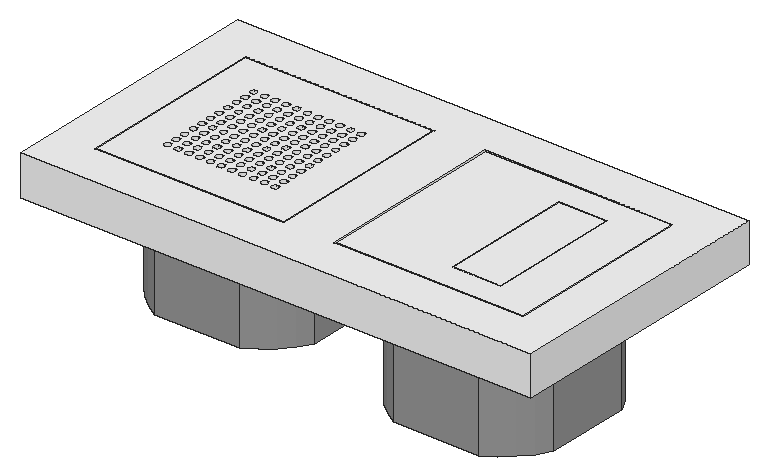
Revit family "Gira_228027", category Electrical Fixtures, host Face, Revit 2017
Family settings
  Host = Face
  Maintain Annotation Orientation = Yes
  Round Connector Dimension = Use Diameter
  Part Type = Normal
  Cut with Voids When Loaded = No
  Shared = No
  Room Calculation Point = No
Parameters (values of type "UP-Radio RDS Lautsprecher System 55 Reinweiß m")
  Zusammenstellung = "Basiselement mit Gehäuse-Oberteil"
  Werkstoffgüte = "sonstige"
  Werkstoff = "sonstige"
  URL = "http://katalog.gira.de/de_DE/datenblatt.html?artikelnr=228027"
  Region = "DE"
  RAL-Nummer (ähnlich) = "9010 "
  Oberfläche = "sonstige"
  Name = "UP-Radio RDS Lautsprecher System 55 Reinweiß m"
  Montageart = "unter Putz"
  Manufacturer URL = "https://www.gira.de/"
  Keynote = "Sys55_Komplettgerät_UP-Radio"
  HeinzeBIM = "https://bimportal.heinze.de/bim/up-radio-rds-lautsprecher-system-55-reinweiss-m/d05f249f99e046403ff22a08985159db106fc148"
  Halogenfrei = "Yes"
  HAN = "228027"
  GTIN = "4010337076056"
  Farbe = "weiß"
  Default Elevation = 1219.2 mm
  Data sheet (1) = "https://katalog.gira.de/de_DE/download.html?artikelnr=228027"
  Category = "Elektronik-Gerät für Installationsschalterprogramme"
  Befestigungsart = "Krallen-/Schraubbefestigung"
  Available = "Yes"
  Ausführung der Oberfläche = "glänzend"
  Ausführung = "Radio (*en-EN)"
Reference planes
  plane 1 "Center (Front/Back)": y = 0
  plane 2 "Reference Level 0": z = 0
  plane 3 "Center (Left/Right)": x = 0
  plane 4 "Reference Level 1": z = 11.9
Forms (mm)
  Extrusion 1, solid, material "White", detail levels medium+fine
    sketch origin (0, 0, 0) x (1, 0, 0) y (0, 1, 0)
      loop
        line (-75.892, 40.342) -> (-75.892, -40.342) -> (75.892, -40.342) -> (75.892, 40.342) -> (-75.892, 40.342)
      loop
        line (-7.45, 28.1) -> (-63.65, 28.1) -> (-63.65, -28.1) -> (-7.45, -28.1) -> (-7.45, 28.1)
      loop
        line (7.45, 28.1) -> (7.45, -28.1) -> (63.65, -28.1) -> (63.65, 28.1) -> (7.45, 28.1)
    from 0 to 11.9
  Extrusion 2, solid, material "White", detail levels fine
    sketch origin (0, 0, 0) x (1, 0, 0) y (0, 1, 0)
      loop
        circle (-19.55, 16) r 1
      loop
        circle (-22.75, 16) r 1
      loop
        circle (-25.95, 16) r 1
      loop
        circle (-29.15, 16) r 1
      loop
        circle (-32.35, 16) r 1
      loop
        circle (-35.55, 16) r 1
      loop
        circle (-38.75, 16) r 1
      loop
        circle (-41.95, 16) r 1
      loop
        circle (-45.15, 16) r 1
      loop
        circle (-48.35, 16) r 1
      loop
        circle (-51.55, 16) r 1
      loop
        circle (-19.55, 12.8) r 1
      loop
        circle (-22.75, 12.8) r 1
      loop
        circle (-25.95, 12.8) r 1
      loop
        circle (-29.15, 12.8) r 1
      loop
        circle (-32.35, 12.8) r 1
      loop
        circle (-35.55, 12.8) r 1
      loop
        circle (-38.75, 12.8) r 1
      loop
        circle (-41.95, 12.8) r 1
      loop
        circle (-45.15, 12.8) r 1
      loop
        circle (-48.35, 12.8) r 1
      loop
        circle (-51.55, 12.8) r 1
      loop
        circle (-19.55, 9.6) r 1
      loop
        circle (-22.75, 9.6) r 1
      loop
        circle (-25.95, 9.6) r 1
      loop
        circle (-29.15, 9.6) r 1
      loop
        circle (-32.35, 9.6) r 1
      loop
        circle (-35.55, 9.6) r 1
      loop
        circle (-38.75, 9.6) r 1
      loop
        circle (-41.95, 9.6) r 1
      loop
        circle (-45.15, 9.6) r 1
      loop
        circle (-48.35, 9.6) r 1
      loop
        circle (-51.55, 9.6) r 1
      loop
        circle (-19.55, 6.4) r 1
      loop
        circle (-22.75, 6.4) r 1
      loop
        circle (-25.95, 6.4) r 1
      loop
        circle (-29.15, 6.4) r 1
      loop
        circle (-32.35, 6.4) r 1
      loop
        circle (-35.55, 6.4) r 1
      loop
        circle (-38.75, 6.4) r 1
      loop
        circle (-41.95, 6.4) r 1
      loop
        circle (-45.15, 6.4) r 1
      loop
        circle (-48.35, 6.4) r 1
      loop
        circle (-51.55, 6.4) r 1
      loop
        circle (-19.55, 3.2) r 1
      loop
        circle (-22.75, 3.2) r 1
      loop
        circle (-25.95, 3.2) r 1
      loop
        circle (-29.15, 3.2) r 1
      loop
        circle (-32.35, 3.2) r 1
      loop
        circle (-35.55, 3.2) r 1
      loop
        circle (-38.75, 3.2) r 1
      loop
        circle (-41.95, 3.2) r 1
      loop
        circle (-45.15, 3.2) r 1
      loop
        circle (-48.35, 3.2) r 1
      loop
        circle (-51.55, 3.2) r 1
      loop
        circle (-19.55, 0) r 1
      loop
        circle (-22.75, 0) r 1
      loop
        circle (-25.95, 0) r 1
      loop
        circle (-29.15, 0) r 1
      loop
        circle (-32.35, 0) r 1
      loop
        circle (-35.55, 0) r 1
      loop
        circle (-38.75, 0) r 1
      loop
        circle (-41.95, 0) r 1
      loop
        circle (-45.15, 0) r 1
      loop
        circle (-48.35, 0) r 1
      loop
        circle (-51.55, 0) r 1
      loop
        circle (-19.55, -3.2) r 1
      loop
        circle (-22.75, -3.2) r 1
      loop
        circle (-25.95, -3.2) r 1
      loop
        circle (-29.15, -3.2) r 1
      loop
        circle (-32.35, -3.2) r 1
      loop
        circle (-35.55, -3.2) r 1
      loop
        circle (-38.75, -3.2) r 1
      loop
        circle (-41.95, -3.2) r 1
      loop
        circle (-45.15, -3.2) r 1
      loop
        circle (-48.35, -3.2) r 1
      loop
        circle (-51.55, -3.2) r 1
      loop
        circle (-19.55, -6.4) r 1
      loop
        circle (-22.75, -6.4) r 1
      loop
        circle (-25.95, -6.4) r 1
      loop
        circle (-29.15, -6.4) r 1
      loop
        circle (-32.35, -6.4) r 1
      loop
        circle (-35.55, -6.4) r 1
      loop
        circle (-38.75, -6.4) r 1
      loop
        circle (-41.95, -6.4) r 1
      loop
        circle (-45.15, -6.4) r 1
      loop
        circle (-48.35, -6.4) r 1
      loop
        circle (-51.55, -6.4) r 1
      loop
        circle (-19.55, -9.6) r 1
      loop
        circle (-22.75, -9.6) r 1
      loop
        circle (-25.95, -9.6) r 1
      loop
        circle (-29.15, -9.6) r 1
      loop
        circle (-32.35, -9.6) r 1
      loop
        circle (-35.55, -9.6) r 1
      loop
        circle (-38.75, -9.6) r 1
      loop
        circle (-41.95, -9.6) r 1
      loop
        circle (-45.15, -9.6) r 1
      loop
        circle (-48.35, -9.6) r 1
      loop
        circle (-51.55, -9.6) r 1
      loop
        circle (-19.55, -12.8) r 1
      loop
        circle (-22.75, -12.8) r 1
      loop
        circle (-25.95, -12.8) r 1
      loop
        circle (-29.15, -12.8) r 1
      loop
        circle (-32.35, -12.8) r 1
      loop
        circle (-35.55, -12.8) r 1
      loop
        circle (-38.75, -12.8) r 1
      loop
        circle (-41.95, -12.8) r 1
      loop
        circle (-45.15, -12.8) r 1
      loop
        circle (-48.35, -12.8) r 1
      loop
        circle (-51.55, -12.8) r 1
      loop
        circle (-19.55, -16) r 1
      loop
        circle (-22.75, -16) r 1
      loop
        circle (-25.95, -16) r 1
      loop
        circle (-29.15, -16) r 1
      loop
        circle (-32.35, -16) r 1
      loop
        circle (-35.55, -16) r 1
      loop
        circle (-38.75, -16) r 1
      loop
        circle (-41.95, -16) r 1
      loop
        circle (-45.15, -16) r 1
      loop
        circle (-48.35, -16) r 1
      loop
        circle (-51.55, -16) r 1
      loop
        line (-63.25, 27.7) -> (-63.25, -27.7) -> (-7.85, -27.7) -> (-7.85, 27.7) -> (-63.25, 27.7)
    from 0 to 11.9
  Extrusion 3, solid, material "White", detail levels fine
    sketch origin (0, 0, 0) x (1, 0, 0) y (0, 1, 0)
      loop
        line (7.95, 27.7) -> (7.95, -27.7) -> (63.35, -27.7) -> (63.35, 27.7) -> (7.95, 27.7)
      loop
        line (35.999, -19.679) -> (50.301, -19.679) -> (50.229, 19.679) -> (36.071, 19.679) -> (35.999, -19.679)
    from 0 to 11.9
  Extrusion 4, solid, material "White", detail levels fine
    sketch origin (0, 0, 0) x (1, 0, 0) y (0, 1, 0)
      loop
        line (35.999, -19.679) -> (50.301, -19.679) -> (50.229, 19.679) -> (36.071, 19.679) -> (35.999, -19.679)
    from 0 to 11.9
  Extrusion 5, solid, material "White", detail levels medium
    sketch origin (0, 0, 0) x (1, 0, 0) y (0, 1, 0)
      loop
        line (-63.65, 28.1) -> (-63.65, -28.1) -> (-7.45, -28.1) -> (-7.45, 28.1) -> (-63.65, 28.1)
    from 0 to 11.9
  Extrusion 6, solid, material "White", detail levels medium
    sketch origin (0, 0, 0) x (1, 0, 0) y (0, 1, 0)
      loop
        line (7.45, 28.1) -> (7.45, -28.1) -> (63.65, -28.1) -> (63.65, 28.1) -> (7.45, 28.1)
    from 0 to 11.9
  Extrusion 7, solid, material "Grey", detail levels fine
    sketch origin (0, 0, 0) x (1, 0, 0) y (0, 1, 0)
      loop
        arc (10.55, -12.61) -> (15.751, -19.799) -> (22.94, -25) r 28
        line (22.94, -25) -> (48.16, -25)
        arc (48.16, -25) -> (55.349, -19.799) -> (60.55, -12.61) r 28
        line (60.55, -12.61) -> (60.55, 12.61)
        arc (60.55, 12.61) -> (55.349, 19.799) -> (48.16, 25) r 28
        line (48.16, 25) -> (22.94, 25)
        arc (22.94, 25) -> (15.751, 19.799) -> (10.55, 12.61) r 28
        line (10.55, 12.61) -> (10.55, -12.61)
    from 0 to -31.7
  Extrusion 8, solid, material "Grey", detail levels fine
    sketch origin (0, 0, 0) x (-1, 0, 0) y (0, -1, 0)
      loop
        line (10.55, 12.61) -> (10.55, -12.61)
        arc (10.55, -12.61) -> (15.751, -19.799) -> (22.94, -25) r 28
        line (22.94, -25) -> (48.16, -25)
        arc (48.16, -25) -> (55.349, -19.799) -> (60.55, -12.61) r 28
        line (60.55, -12.61) -> (60.55, 12.61)
        arc (60.55, 12.61) -> (55.349, 19.799) -> (48.16, 25) r 28
        line (48.16, 25) -> (22.94, 25)
        arc (22.94, 25) -> (15.751, 19.799) -> (10.55, 12.61) r 28
    from 0 to -28
  Extrusion 9, solid, detail levels medium
    sketch origin (0, 0, 0) x (-1, 0, 0) y (0, -1, 0)
      loop
        line (10.55, 25) -> (10.55, -25) -> (60.55, -25) -> (60.55, 25) -> (10.55, 25)
    from 0 to -28
  Extrusion 10, solid, detail levels medium
    sketch origin (0, 0, 0) x (1, 0, 0) y (0, 1, 0)
      loop
        line (10.55, -25) -> (60.55, -25) -> (60.55, 25) -> (10.55, 25) -> (10.55, -25)
    from 0 to -31.7
  Extrusion 11, solid, material "Grey", detail levels coarse
    sketch origin (0, 0, 0) x (1, 0, 0) y (0, 1, 0)
      loop
        line (-75.892, 40.342) -> (-75.892, -40.342) -> (75.892, -40.342) -> (75.892, 40.342) -> (-75.892, 40.342)
    from -31.7 to 11.9
Cuts and joins
  joined: Extrusion 7, Extrusion 8
  joined: Extrusion 9, Extrusion 10
Dimensions and locks
  aligned and locked: plane 2 "Reference Level 0" to host face
  aligned and locked: level to host face
Nested families
  nested 1: "Radio Beschriftung" at (0, 0, 0) x (0, 1, 0) z (0, 0, 1), type "Radio Beschriftung"
Connectors
  electrical at (-35.55, 0, -28)
    settings: on cut or joined group of Extrusion 7, Extrusion 8, index 1, voltage 220 V, apparent load 0 VA, apparent load phase1 0 VA, apparent load phase2 0 VA, apparent load phase3 0 VA, power factor 1, load classification "Other", number of poles 1, system type 31, power factor state 1, is connector primary yes, connector utility no, sub classification motor no, connector description ""
Definition of nested family "Radio Beschriftung"
  Reference planes
    plane 1: y = 0
    plane 2: x = 0
  Lines and regions (mm)
    detail lines
      curve 1: line (0, 1, 0) -> (3, 1, 0)
      curve 2: line (0, -1, 0) -> (0, 1, 0)
      curve 3: line (3, -1, 0) -> (0, -1, 0)
      curve 4: line (3, 1, 0) -> (3, -1, 0)
      curve 5: line (2, 1, 0) -> (2, -1, 0)
      curve 6: line (3, 1, 0) -> (2, 0.49, 0)
      curve 7: line (3, -1, 0) -> (2, -0.49, 0)
  Dimensions and locks
    curve 2 to curve 4 = 3 mm
    curve 3 to curve 1 = 2 mm
